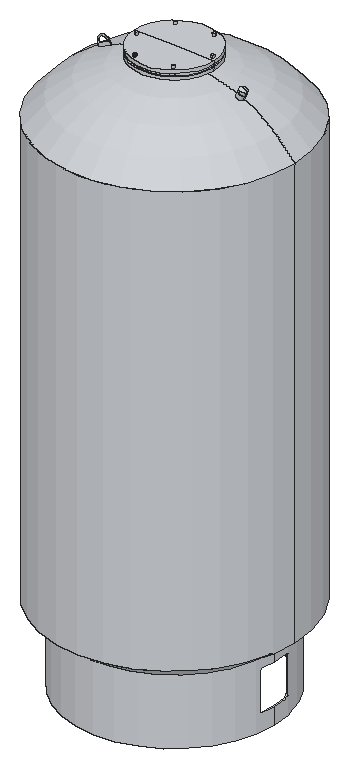
Revit family "FXA-10000", category Mechanical Equipment, Revit 2014
Parameters (values of type "FXA-10000")
  VoidLength = 7 1/2"
  URL = "http://westank.com/"
  TankVolume = "2640 Gallons"
  SystemConnectionAngle = 50.00°
  PartNumber = "21019999"
  OuterRadius = 15"
  Model = "FXA-10000"
  MaximumOperatingTemperature = "240°F"
  MaximumOperatingPressure = "125 PSIG"
  Manufacturer = "Wessels Company"
  InnerRadius = 14.766"
  InnerCircleDiameter = E - 3" / 4  # 59 1/4"
  HandleAngle = 120.00°
  G = 8 1/4"
  E = 60"
  F = 11"
  DrainAngle = 63.00°
  C = 4"
  BottomOfTheCylinder = 6.11811"
  B = 172"
  ApproximateShipmentWeight = "4920 lbs"
  Angle = 35.00°
  A = 72"
Reference planes (in)
  plane 1 "Center (Front/Back)": y = 0
  plane 2: z = 0
  plane 3 "Center (Left/Right)": x = 0
  plane 4: x = -36
  plane 5: y = 1.9685
  plane 6: y = -1.9685
  plane 7: z = 172
  plane 8: x = 36
  plane 9: y = 0.15626
  plane 10: y = -0.15626
  plane 11: x = 18
  plane 12: x = -30
  plane 13: x = 30
  plane 14: y = 0
  plane 15: y = 8.22887
  plane 16: y = -8.22887
  plane 17: through (0.00466, -180, 75.19677) normal (-0.9999, 0, -0.0139)
  plane 18: z = 129.36862
  plane 19: through (5.2036, -180, 8.83933) normal (-0.1726, 0, 0.985)
  plane 20: through (4.73728, -180, 11.50012) normal (-0.1726, 0, 0.985)
  plane 21: x = 11
  plane 22: x = 9
  plane 23: x = 13
  plane 24: z = 8.25
  plane 25: z = 150.45836
  plane 26: z = 150.95836
  plane 27: z = 149.95836
  plane 28: z = 88.25961
Forms (in)
  Revolve 1, solid
    sketch origin (0, 0, -5.12438) x (1, 0, 0) y (0, 0, 1)
      loop
        arc (0, 172.79381) -> (-19.99918, 169.92621) -> (-36, 157.59074) r 39.71679
        line (-36, 157.59074) -> (-36, 29.18424)
        arc (-36, 29.18424) -> (-19.1805, 19.73592) -> (0, 17.66831) r 48.02675
        line (0, 17.66831) -> (0, 172.79381)
      axis (0, 17.66831) -> (0, 172.79381)
    angle from 0 to 360
  Extrusion 2, solid
    sketch origin (0, 0, 0) x (1, 0, 0) y (0, 1, 0)
      loop
        circle (0, 0) r 30
      loop
        circle (0, 0) r 29.625
    from 24.05986 to 0
  Revolve 3, solid
    sketch origin (10.60687, 0, 76.45704) x (0.406737, 0, 0.913545) y (-0.913545, 0, 0.406737)
      loop
        line (84.3015, 27.551) -> (84.3015, 26.4626) -> (85.8079, 26.4626) -> (85.8079, 26.49557) -> (86.61604, 26.49557)
        arc (86.61604, 26.49557) -> (86.96128, 26.96696) -> (86.97819, 27.551) r 0.9835
        line (86.97819, 27.551) -> (84.3015, 27.551)
      axis (84.3015, 27.551) -> (86.97819, 27.551)
    angle from 0 to 360
  Sweep 4, solid
    path origin (0.37027, 0, 76.20113) x (-0.412986, 0, 0.910737) y (-0.910737, 0, -0.412986)
      loop
        arc (89.83122, -15.47447) -> (91.58122, -17.22447) -> (89.83122, -18.97447) r 1.75
    profile origin (-21.76453, 0, 166.72103) x (-0.412986, 0, 0.910737) y (0, -1, 0)
      loop
        circle (0, 0) r 0.15625
  Extrusion 5, solid
    sketch origin (2.38357, 0, 71.76129) x (-0.412986, 0, 0.910737) y (-0.910737, 0, -0.412986)
      loop
        line (94.70622, -15.31886) -> (93.72924, -15.31886) -> (93.72924, -19.13397) -> (94.70622, -19.13397) -> (94.70622, -15.31886)
    from 0.15626 to -0.15626
  Sweep 6, solid
    path origin (-12.625, 0, 69.83927) x (-1, 0, 0) y (0, 0, -1)
      loop
        arc (24.10198, -16.625) -> (25.85198, -18.375) -> (24.10198, -20.125) r 1.75
    profile origin (-38.47698, 0, 88.21427) x (-1, 0, 0) y (0, -1, 0)
      loop
        circle (0, 0) r 0.15625
  Extrusion 7, solid
    sketch origin (-7.75, 0, 69.83927) x (-1, 0, 0) y (0, 0, -1)
      loop
        line (28.97698, -16.50015) -> (28, -16.50015) -> (28, -20.2845) -> (28.97698, -20.2845) -> (28.97698, -16.50015)
    from 0.15626 to -0.15626
  Revolve 8, solid
    sketch origin (0.22045, 0, 73.50107) x (0, 0, 1) y (-1, 0, 0)
      loop
        line (98.03359, 0.22045) -> (93.63718, 0.22045) -> (93.63718, -6.99341)
        arc (93.63718, -6.99341) -> (94.48562, -6.62937) -> (95.40859, -6.60731) r 2.43519
        line (95.40859, -6.60731) -> (95.40859, -11.67222) -> (96.28359, -11.67222) -> (96.28359, -11.05594) -> (97.15859, -11.05594) -> (97.15859, -11.67222) -> (98.03359, -11.67222) -> (98.03359, 0.22045)
      axis (98.03359, 0.22045) -> (93.63718, 0.22045)
    angle from 0 to 360
  Extrusion 9, solid
    sketch origin (0, 0, 29.6875) x (0, 1, 0) y (0, 0, 1)
      loop
        circle (0, 120.77086) r 0.5
    from -35.73218 to -37.38968
  Revolve 10, solid
    sketch origin (2.81354, 0, 22.27473) x (0.172627, 0, -0.984987) y (0.984987, 0, 0.172627)
      loop
        line (13.18144, 6.2769) -> (9.44128, 6.2769) -> (9.44128, 3.1431)
        arc (9.44128, 3.1431) -> (10.42553, 3.36853) -> (11.40978, 3.1431) r 2.26145
        line (11.40978, 3.1431) -> (11.40978, 0.54248) -> (12.00033, 0.54248) -> (12.00033, 1.15877) -> (12.59089, 1.15877) -> (12.59089, 0.54248) -> (13.18144, 0.54248) -> (13.18144, 6.2769)
      axis (9.44128, 6.2769) -> (13.18144, 6.2769)
    angle from 0 to 360
  Extrusion 11, solid
    sketch origin (9.76687, -2.56268, 10.23894) x (-0.984979, 0, -0.172675) y (-0.000004, 1, 0.000023)
      loop
        circle (-3.74768, 6.40672) r 0.3937
    from 0.59055 to -2.11745
  Extrusion 12, solid
    sketch origin (11.6639, -2.64003, 10.57118) x (-0.747584, -0.651106, -0.131069) y (-0.641335, 0.758987, -0.112375)
      loop
        circle (-3.74768, 6.40672) r 0.3937
    from 0.59055 to -2.11248
  Extrusion 13, solid
    sketch origin (13.15336, -1.44481, 10.83203) x (-0.149831, -0.988362, -0.026308) y (-0.973528, 0.152123, -0.170595)
      loop
        circle (-3.74768, 6.40672) r 0.3937
    from 0.59055 to -2.10562
  Extrusion 14, solid
    sketch origin (13.51803, 0.44684, 10.89537) x (0.520149, -0.849202, 0.091112) y (-0.836457, -0.528068, -0.146572)
      loop
        circle (-3.74768, 6.40672) r 0.3937
    from 0.59055 to -2.11832
  Extrusion 15, solid
    sketch origin (12.58095, 2.1231, 10.73114) x (0.939407, -0.300705, 0.16459) y (-0.296195, -0.953717, -0.051887)
      loop
        circle (-3.74768, 6.40672) r 0.3937
    from 0.59055 to -2.10775
  Extrusion 16, solid
    sketch origin (10.79468, 2.77597, 10.41801) x (0.905852, 0.392739, 0.158709) y (0.386839, -0.91965, 0.067821)
      loop
        circle (-3.74768, 6.40672) r 0.3937
    from 0.59055 to -2.10608
  Extrusion 17, solid
    sketch origin (9.02019, 2.09076, 10.10699) x (0.435656, 0.896873, 0.076304) y (0.883404, -0.442288, 0.154848)
      loop
        circle (-3.74768, 6.40672) r 0.3937
    from 0.59055 to -2.11652
  Extrusion 18, solid
    sketch origin (8.11183, 0.39774, 9.94923) x (-0.244533, 0.968691, -0.042905) y (0.954145, 0.248268, 0.167246)
      loop
        circle (-3.74768, 6.40672) r 0.3937
    from 0.59055 to -2.10776
  Extrusion 19, solid
    sketch origin (8.50909, -1.48699, 10.0187) x (-0.806847, 0.573576, -0.141456) y (0.564961, 0.819153, 0.099038)
      loop
        circle (-3.74768, 6.40672) r 0.3937
    from 0.59055 to -2.10712
  Extrusion 20, solid
    sketch origin (7.35796, 0, -9.14698) x (0, 1, 0) y (1, 0, 0)
      loop
        circle (0, 3.64204) r 2
    from -20.64698 to -17.39698
  Extrusion 21, void
    sketch origin (0, -0.25, 3) x (0, 1, 0) y (0, 0, 1)
      loop
        arc (-4.15626, 14) -> (-4.63889, 13.73263) -> (-4.90626, 13.25) r 1
        line (-4.90626, 13.25) -> (-4.90626, 2.91491)
        arc (-4.90626, 2.91491) -> (-4.66396, 2.27523) -> (-4.06716, 1.94094) r 1
        line (-4.06716, 1.94094) -> (4.81753, 1.94094)
        arc (4.81753, 1.94094) -> (5.52464, 2.23384) -> (5.81753, 2.94094) r 1
        line (5.81753, 2.94094) -> (5.81753, 13)
        arc (5.81753, 13) -> (5.52464, 13.70711) -> (4.81753, 14) r 1
        line (4.81753, 14) -> (-4.15626, 14)
    from 33.23522 to 23.65049
  Extrusion 22, solid
    sketch origin (0.7373, -8.09976, 170.79783) x (-0.97815, -0.207903, 0.000019) y (0.207903, -0.97815, 0.000184)
      loop
        circle (5.04849, 0.53402) r 0.3937
    from 1.203 to -2.3622
  Extrusion 23, solid
    sketch origin (-6.64559, -4.68779, 170.79794) x (-0.669125, 0.74315, 0.000018) y (-0.74315, -0.669125, 0.000188)
      loop
        circle (5.04849, 0.53402) r 0.3937
    from 1.203 to -2.3622
  Extrusion 24, solid
    sketch origin (-7.38845, 3.38982, 170.7967) x (0.309024, 0.951054, 0.000158) y (-0.951054, 0.309024, 0.000166)
      loop
        circle (5.04849, 0.53402) r 0.3937
    from 1.203 to -2.3622
  Extrusion 25, solid
    sketch origin (-0.69757, 8.09976, 170.78475) x (0.978149, 0.207906, 0.000282) y (-0.207906, 0.978149, 0.000128)
      loop
        circle (5.04849, 0.53402) r 0.3937
    from 1.203 to -2.3622
  Extrusion 26, solid
    sketch origin (6.64699, 4.69027, 170.7983) x (0.669127, -0.743148, 0.000023) y (0.743148, 0.669127, 0.000173)
      loop
        circle (5.04849, 0.53402) r 0.3937
    from 1.203 to -2.3622
  Extrusion 27, solid
    sketch origin (7.40611, -3.39534, 170.79496) x (-0.30902, -0.951055, 0.000126) y (0.951055, -0.30902, 0.000158)
      loop
        circle (5.04849, 0.53402) r 0.3937
    from 1.203 to -2.3622
  Extrusion 28, solid
    sketch origin (0.73783, -8.09975, 170.79679) x (-0.978148, -0.207909, 0.000019) y (0.207909, -0.978148, 0.000184)
      loop
        circle (5.04849, 0.53402) r 0.3937
    from 1.203 to -2.3622
Cuts and joins
  Extrusion 21 cuts Extrusion 2
Dimensions and locks (in)
  equal spacing: plane 5, plane 1 "Center (Front/Back)", plane 6
  "B": plane 7 to level
  equal spacing: plane 8, plane 3 "Center (Left/Right)", plane 4
  "A": plane 8 to plane 4
  plane 9 to plane 10 = 0.31252"
  equal spacing: plane 13, plane 3 "Center (Left/Right)", plane 12
  "E": plane 13 to plane 12
  locked: Revolve 3 sketch curve to Revolve 3 sketch curve at 0.03297
  equal spacing: plane 15, plane 14, plane 16
  Revolve 8 sketch curve to Revolve 8 sketch curve = 1.77141"
  locked: Extrusion 9 sketch curve to plane 14 at 0
  locked: Revolve 10 sketch curve to Revolve 10 sketch curve at 0.59055  (x3)
  locked: Revolve 10 sketch curve to Revolve 10 sketch curve at 1.9685
  locked: Extrusion 20 sketch curve to plane 1 "Center (Front/Back)" at 0
  equal spacing: plane 22, plane 21, plane 23
  "F": plane 21 to plane 3 "Center (Left/Right)"
  "C": plane 22 to plane 23
  "G": plane 24 to cut or joined group of Extrusion 2, Extrusion 21
  Revolve 8 sketch curve to Revolve 8 sketch curve = 7/8"  (x3)
  locked: plane 7 to Revolve 8 sketch curve at 0.46534
  Extrusion 7 sketch curve to Extrusion 7 sketch curve = 3.78435"
  locked: plane 25 to Extrusion 9 sketch curve
  locked: plane 7 to plane 25 at 21.54164
  Revolve 1 to plane 25 = 2.008"
  plane 26 to plane 27 = 1"
  Revolve 1 to plane 28 to Revolve 1 = 64.20675", 64.19975"
  "C": diameter of Extrusion 20 sketch curve
  "E": diameter of Extrusion 2 sketch curve
  "InnerCircleDiameter": diameter of Extrusion 2 sketch curve
  aligned and locked: level to plane 2
  aligned and locked: plane 4 to Revolve 1 sketch curve
  aligned and locked: Revolve 3 sketch curve to Revolve 3 sketch curve
  aligned and locked: Extrusion 5 sketch curve to Sweep 4
  aligned and locked: Extrusion 5 to plane 10
  aligned and locked: plane 9 to Extrusion 5
  aligned and locked: Extrusion 7 sketch curve to Sweep 6
  aligned and locked: Revolve 8 sketch curve to Revolve 8 sketch curve
  aligned and locked: Revolve 10 sketch curve to Revolve 10 sketch curve
  aligned and locked: Revolve 8 sketch curve to plane 3 "Center (Left/Right)"
  aligned and locked: cut or joined group of Extrusion 2, Extrusion 21 to level
  aligned and locked: Extrusion 20 to plane 24
  aligned and locked: Extrusion 28 to plane 7
Automatic sketch dimensions
  Sweep 6 sketch curve to plane 4 = 0.72698"
  Sweep 6 sketch curve to Sweep 6 sketch curve = 1 3/4"
  Sweep 6 sketch curve to profile plane = 0"
  profile plane to Sweep 6 sketch curve = 0"
  plane 4 to Extrusion 7 sketch curve = 1/4"
  Revolve 8 sketch curve to plane 3 "Center (Left/Right)" = 0"
  Revolve 8 sketch curve to Revolve 8 sketch curve = 0.40437"
  Revolve 8 sketch curve to Revolve 8 sketch curve = 2.01528"
  Revolve 8 sketch curve to Revolve 8 sketch curve = 21/32"
  plane 7 to Revolve 8 sketch curve = 0.53466"
  plane 3 "Center (Left/Right)" to Revolve 8 sketch curve = 6.82776"
  Revolve 8 sketch curve to Revolve 8 sketch curve = 2.04725"
  Revolve 8 sketch curve to Revolve 8 sketch curve = 0.61629"
  plane 20 to Revolve 10 sketch curve = 1.50366"
  plane 20 to Revolve 10 sketch curve = 0.51941"
  Revolve 10 sketch curve to Revolve 10 sketch curve = 0.5646"
  Revolve 10 sketch curve to Revolve 10 sketch curve = 0.61629"
  Revolve 10 sketch curve to Revolve 10 sketch curve = 2.03603"
  Revolve 10 sketch curve to Revolve 10 sketch curve = 3.1338"
  Revolve 10 sketch curve to Revolve 10 sketch curve = 19.38704"
  Revolve 10 sketch curve to Revolve 10 sketch curve = 0.1272"
  Revolve 10 sketch curve to Revolve 10 sketch curve = 0"
  plane 16 to Extrusion 21 sketch curve = 3.0726"
  Extrusion 21 sketch curve to Extrusion 21 sketch curve = 3/4"
  Extrusion 21 sketch curve to Extrusion 21 sketch curve = 0.8391"
  Extrusion 21 sketch curve to Extrusion 21 sketch curve = 0.97448"  (x2)
  Extrusion 21 sketch curve to Extrusion 21 sketch curve = 0.99992"
  plane 5 to Extrusion 21 sketch curve = 2.59903"  (x2)
  Extrusion 21 sketch curve to Extrusion 21 sketch curve = 1"
  level to Extrusion 21 sketch curve = 4.94094"
  Extrusion 21 sketch curve to Extrusion 21 sketch curve = 0.97397"
  plane 22 to Revolve 10 sketch curve = 3.37664"
  Extrusion 21 sketch curve to Extrusion 21 sketch curve = 10.05906"
  Revolve 1 sketch curve to plane 3 "Center (Left/Right)" = 0"  (x2)
  Revolve 1 sketch curve to plane 3 "Center (Left/Right)" = 4.54781"  (x2)
  plane 24 to Revolve 1 sketch curve = 15.80986"
  plane 18 to Revolve 1 sketch curve = 23.09874"
  plane 24 to Revolve 1 sketch curve = 4.29393"
  Revolve 1 sketch curve to Revolve 1 sketch curve = 40.15106"
  Revolve 1 sketch curve to Revolve 1 sketch curve = 19.71078"
  plane 24 to Sweep 6 sketch curve = 79.96427"
  Sweep 4 sketch curve to plane 7 = 6.87276"
  plane 12 to Sweep 4 sketch curve = 8.95819"
  Sweep 4 sketch curve to Sweep 4 sketch curve = 1 3/4"
  Sweep 4 sketch curve to profile plane = 0"
  profile plane to Sweep 4 sketch curve = 0"
  Extrusion 5 sketch curve to Extrusion 5 sketch curve = 0.97698"
  Extrusion 5 sketch curve to plane 7 = 6.08416"
  Extrusion 5 sketch curve to Extrusion 5 sketch curve = 3.81511"
  plane 11 to Revolve 3 sketch curve = 1.72628"
  Revolve 3 sketch curve to plane 7 = 7.32371"
  Revolve 3 sketch curve to Revolve 3 sketch curve = 1.5064"
  Revolve 3 sketch curve to Revolve 3 sketch curve = 0"
  Revolve 3 sketch curve to Revolve 3 sketch curve = 0.22312"
  Revolve 3 sketch curve to Revolve 3 sketch curve = 0.80814"
  Revolve 3 sketch curve to Revolve 3 sketch curve = 0.94717"
  Revolve 3 sketch curve to Revolve 3 sketch curve = 0.26484"
  Revolve 3 sketch curve to Revolve 3 sketch curve = 5.44847"
  Revolve 3 sketch curve to Revolve 3 sketch curve = 0.07201"
  Revolve 1 sketch curve to plane 18 = 1.15374"
  plane 28 to Extrusion 7 sketch curve = 1.86417"
  Extrusion 7 sketch curve to Extrusion 7 sketch curve = 3.78435"
  Extrusion 2 sketch curve to Extrusion 2 sketch curve = 0"  (x2)
  plane 1 "Center (Front/Back)" to Extrusion 2 sketch curve = 0"
  Extrusion 2 sketch curve to plane 3 "Center (Left/Right)" = 0"
  Extrusion 20 sketch curve to plane 21 = 0"
  radius of Extrusion 11 sketch curve = 0.3937"
  radius of Extrusion 12 sketch curve = 0.3937"
  radius of Extrusion 13 sketch curve = 0.3937"
  radius of Extrusion 14 sketch curve = 0.3937"
  radius of Extrusion 15 sketch curve = 0.3937"
  radius of Extrusion 16 sketch curve = 0.3937"
  radius of Extrusion 17 sketch curve = 0.3937"
  radius of Extrusion 18 sketch curve = 0.3937"
  radius of Extrusion 19 sketch curve = 0.3937"
  radius of Sweep 6 sketch curve = 5/32"
  radius of Extrusion 9 sketch curve = 1/2"
  radius of Extrusion 22 sketch curve = 0.3937"
  radius of Extrusion 23 sketch curve = 0.3937"
  radius of Extrusion 24 sketch curve = 0.3937"
  radius of Extrusion 25 sketch curve = 0.3937"
  radius of Extrusion 26 sketch curve = 0.3937"
  radius of Extrusion 27 sketch curve = 0.3937"
  radius of Extrusion 28 sketch curve = 0.3937"
  radius of Sweep 4 sketch curve = 5/32"
Connectors (in)
  piping at (11, 0, 8.25), diameter 4, driven by "C"
    settings: on Extrusion 20, index 1, connector inside diameter 24", connector length 0", flow factor 0, pipe flow 0 GPM, pressure drop 0.00 psi, fitting loss kfactor 0, connector angle 0.00°, fixture units 0, engagement length 0", angle of deflection 0.00°, flow configuration 0, flow direction 0, fitting loss method 0, system type 7, joint type 0, gender type 0, connector reference index -1, connector utility 0, adjustable connector no, is connector primary yes, connector description ""
